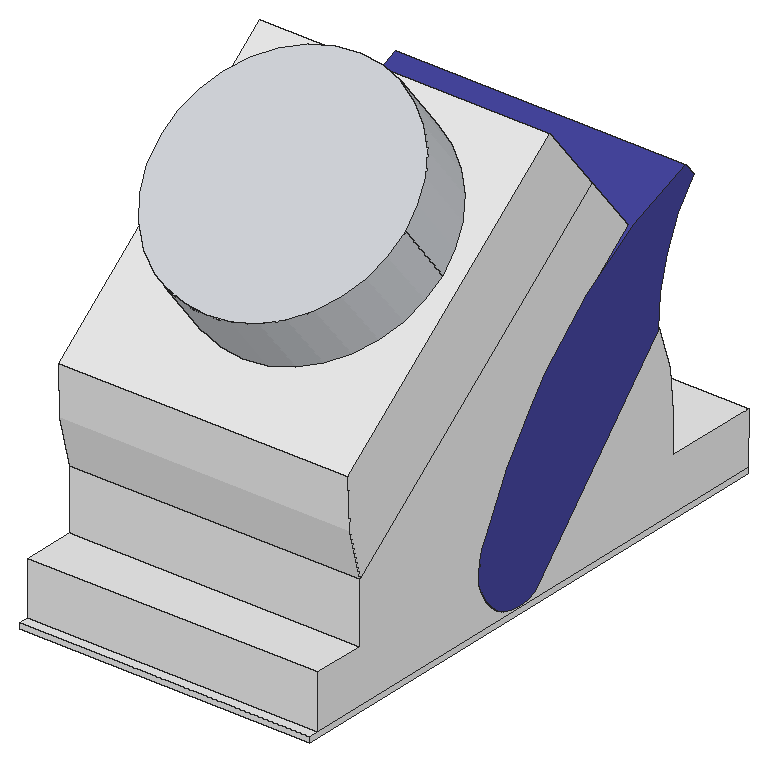
Revit family "Building-ConnessioniIEC309-GEWISS-COMBIBLOC-PRESE-INTERBLOCCATE_IP44_SENZA_FONDO", category Apparecchi elettrici, host Superficie, Revit 2019
Family settings
  Host = Superficie
  Mantenere orientamento annotazione = Sì
  Quota connettore circolare = Usa diametro
  Tipo di parte = Normale
  Taglio con vuoti quando caricato = No
  Condiviso = No
  Punto di calcolo locali = Sì
Parameters (values of type "GW66442 - COMBIBLOC S.F.IP44 3P+N+T 32A 400V 6H")
  visibilita posizionamento 2d [instance] = yes
  simbolo acceso [instance] = yes
  oggetto in pianta [instance] = not(visibilita posizionamento 2d)  # no
  distanza_simbolo [instance] = 1 mm
  distanza dal piano [instance] = 10 mm
  W = 115 mm  # constant formula
  Voltaggio = 0 V
  Versione file RFA = "21.4"
  VETRO = Vetro
  URL = "https://www.gewiss.com/it/it"
  Tipologia = "Compatta"
  Termopressione con biglia = "125 °C"
  Tensione nominale = "380-415V"
  Temperatura di utilizzo = "-25 +40 °C"
  Spostamento_effettivo_S [instance] = 4000 mm - Spostamento_S  # 2500 mm
  Spostamento_S = 1500 mm
  Simbolo circuito [instance] = not(simbolo acceso)  # no
  Scheda Tecnica = "https://www.gewiss.com/it/it/search?q=GW66442"
  STRUTTURA ALTA = blue
  STRUTTURA = RAL - 7035
  SEO = "Presa interbloccata"
  Riferimento h = "6"
  Resistenza agli urti = "IK08"
  Protezione = "NO (SBF)"
  Default Elevation = 1219.2 mm
  Produttore = "GEWISS S.p.A."
  PRESA = Giallo
  POMELLO = bianco
  N.poli = 1
  N. poli = "3P+N+T"
  Modello = "GW66442"
  L = 155 mm  # constant formula
  Immagine tipo = COMBIBLOC44.jpg
  IDT = "741e4717e3ee4884b61990f959ff1807"
  IDF = "31259a23-73b2-4997-9df9-78b802d9498e"
  Grado di protezione = "IP44"
  Glow wire test: = "850 °C (Parti attive) - 650 °C (Parti passive)"
  Frequenza = "50/60 Hz"
  FORMULA = 1000 mm * 1  # 1000 mm
  Descrizione = "COMBIBLOC S.F.IP44 3P+N+T 32A 400V 6H"
  Creato da GEWISS S.p.A. = ""
  Corrente nominale (A) = "32"
  Con fondo = "No"
  Colore: = "Rosso"
  Codice Electrocod = "2220"
  Catalogo = "BUILDING"
  COBie.Tagnumber = ""
  COBie.CreatedOn = ""
  COBie.CreatebBy = ""
  COBie.ComponentRegisterItemID = ""
  COBie.Component.TagNumber = ""
  COBie.Component.Space = ""
  COBie.Component.SerialNumber = ""
  COBie.Component.InstallationDate = ""
  COBie.Component.Description = ""
  COBie.Component.BarCode = ""
  BLOCCO = "B=C"
Types (18, lengths in mm): name | Tensione nominale | Scheda Tecnica | Riferimento h | N. poli | Modello | IDT | Descrizione | Corrente nominale (A) | Colore:
  GW66423 - COMBIBLOC S.F.IP44 2P+T 16A 110V 4H | "100-130V" | "https://www.gewiss.com/it/it/search?q=GW66423" | "4" | "2P+T" | "GW66423" | "b070a3082dfe4d42b1455b17156b898e" | "COMBIBLOC S.F.IP44 2P+T 16A 110V 4H" | "16" | "Giallo"
  GW66424 - COMBIBLOC S.F.IP44 3P+T 16A 110V 4H | "100-130V" | "https://www.gewiss.com/it/it/search?q=GW66424" | "4" | "3P+T" | "GW66424" | "893366f800a34f1bbc24e370e80832ec" | "COMBIBLOC S.F.IP44 3P+T 16A 110V 4H" | "16" | "Giallo"
  GW66425 - COMBIBLOC S.F.IP44 3P+N+T 16A 110V 4H | "100-130V" | "https://www.gewiss.com/it/it/search?q=GW66425" | "4" | "3P+N+T" | "GW66425" | "314015a0e46246db85306dca963d15a3" | "COMBIBLOC S.F.IP44 3P+N+T 16A 110V 4H" | "16" | "Giallo"
  GW66426 - COMBIBLOC S.F.IP44 2P+T 16A 230V 6H | "200-250V" | "https://www.gewiss.com/it/it/search?q=GW66426" | "6" | "2P+T" | "GW66426" | "c8a2b40a3d0240398ea5fe027ab400a9" | "COMBIBLOC S.F.IP44 2P+T 16A 230V 6H" | "16" | "Blu"
  GW66427 - COMBIBLOC S.F.IP44 3P+T 16A 230V 9H | "200-250V" | "https://www.gewiss.com/it/it/search?q=GW66427" | "9" | "3P+T" | "GW66427" | "a5756eb833a34e83ad14a229fda6b306" | "COMBIBLOC S.F.IP44 3P+T 16A 230V 9H" | "16" | "Blu"
  GW66428 - COMBIBLOC S.F.IP44 3P+N+T 16A 230V 9H | "200-250V" | "https://www.gewiss.com/it/it/search?q=GW66428" | "9" | "3P+N+T" | "GW66428" | "ae6a6b7b779541a5b5e4b9112507bedb" | "COMBIBLOC S.F.IP44 3P+N+T 16A 230V 9H" | "16" | "Blu"
  GW66429 - COMBIBLOC S.F.IP44 2P+T 16A 400V 9H | "380-415V" | "https://www.gewiss.com/it/it/search?q=GW66429" | "9" | "2P+T" | "GW66429" | "86bd7c141657494d9905915458ed8d97" | "COMBIBLOC S.F.IP44 2P+T 16A 400V 9H" | "16" | "Rosso"
  GW66430 - COMBIBLOC S.F.IP44 3P+T 16A 400V 6H | "380-415V" | "https://www.gewiss.com/it/it/search?q=GW66430" | "6" | "3P+T" | "GW66430" | "7cf4e54184a34467878504785aa0027b" | "COMBIBLOC S.F.IP44 3P+T 16A 400V 6H" | "16" | "Rosso"
  GW66431 - COMBIBLOC S.F.IP44 3P+N+T 16A 400V 6H | "380-415V" | "https://www.gewiss.com/it/it/search?q=GW66431" | "6" | "3P+N+T" | "GW66431" | "39e9dc68fca0476ebcce9adea40bc643" | "COMBIBLOC S.F.IP44 3P+N+T 16A 400V 6H" | "16" | "Rosso"
  GW66434 - COMBIBLOC S.F.IP44 2P+T 32A 110V 4H | "100-130V" | "https://www.gewiss.com/it/it/search?q=GW66434" | "4" | "2P+T" | "GW66434" | "5bb01f55f1cc4156b1a7dabf4ffdd4de" | "COMBIBLOC S.F.IP44 2P+T 32A 110V 4H" | "32" | "Giallo"
  GW66435 - COMBIBLOC S.F.IP44 3P+T 32A 110V 4H | "100-130V" | "https://www.gewiss.com/it/it/search?q=GW66435" | "4" | "3P+T" | "GW66435" | "e1d83dbd287e4582a0ae60767c40068f" | "COMBIBLOC S.F.IP44 3P+T 32A 110V 4H" | "32" | "Giallo"
  GW66436 - COMBIBLOC S.F.IP44 3P+N+T 32A 110V 4H | "100-130V" | "https://www.gewiss.com/it/it/search?q=GW66436" | "4" | "3P+N+T" | "GW66436" | "23326aeb6b9349d1970ef360becdcc2c" | "COMBIBLOC S.F.IP44 3P+N+T 32A 110V 4H" | "32" | "Giallo"
  GW66437 - COMBIBLOC S.F.IP44 2P+T 32A 230V 6H | "200-250V" | "https://www.gewiss.com/it/it/search?q=GW66437" | "6" | "2P+T" | "GW66437" | "3aff1e00bf34437e9227315c3bf0513f" | "COMBIBLOC S.F.IP44 2P+T 32A 230V 6H" | "32" | "Blu"
  GW66438 - COMBIBLOC S.F.IP44 3P+T 32A 230V 9H | "200-250V" | "https://www.gewiss.com/it/it/search?q=GW66438" | "9" | "3P+T" | "GW66438" | "9883f4c0d18c46adad91d82549765c6d" | "COMBIBLOC S.F.IP44 3P+T 32A 230V 9H" | "32" | "Blu"
  GW66439 - COMBIBLOC S.F.IP44 3P+N+T 32A 230V 9H | "200-250V" | "https://www.gewiss.com/it/it/search?q=GW66439" | "9" | "3P+N+T" | "GW66439" | "b97dfc53be834e55b56f490f3560ce28" | "COMBIBLOC S.F.IP44 3P+N+T 32A 230V 9H" | "32" | "Blu"
  GW66440 - COMBIBLOC S.F.IP44 2P+T 32A 400V 9H | "380-415V" | "https://www.gewiss.com/it/it/search?q=GW66440" | "9" | "2P+T" | "GW66440" | "efbc61ba44e349808c2514670658ab27" | "COMBIBLOC S.F.IP44 2P+T 32A 400V 9H" | "32" | "Rosso"
  GW66441 - COMBIBLOC S.F.IP44 3P+T 32A 400V 6H | "380-415V" | "https://www.gewiss.com/it/it/search?q=GW66441" | "6" | "3P+T" | "GW66441" | "b72b8a46eef44e58980f13d0af548e2a" | "COMBIBLOC S.F.IP44 3P+T 32A 400V 6H" | "32" | "Rosso"
  GW66442 - COMBIBLOC S.F.IP44 3P+N+T 32A 400V 6H | "380-415V" | "https://www.gewiss.com/it/it/search?q=GW66442" | "6" | "3P+N+T" | "GW66442" | "741e4717e3ee4884b61990f959ff1807" | "COMBIBLOC S.F.IP44 3P+N+T 32A 400V 6H" | "32" | "Rosso"
Reference planes
  plane 1 "Centro (Fronte/Retro)": y = 0
  plane 2: z = 0
  plane 3 "Centro (Sinistra/Destra)": x = 0
  plane 4: x = -3000
  plane 5: x = -500
  plane 6: z = 10
Lines and regions (mm)
  symbolic lines, visible <- "visibilita posizionamento 2d"
    curve 1: line (0, 0, 10) -> (0, 0, 115)
    curve 2: line (0, 0, 115) -> (71, 0, 115)
    curve 3: line (71, 0, 115) -> (71, 0, 10)
    curve 4: line (0, 0, 10) -> (71, 0, 10)
  symbolic lines, visible <- "visibilita posizionamento 2d", not visible
    curve 5: line (0, 0, 0) -> (0, 0, 105)
    curve 6: line (0, 0, 105) -> (71, 0, 105)
    curve 7: line (71, 0, 105) -> (71, 0, 0)
    curve 8: line (0, 0, 0) -> (71, 0, 0)
Dimensions and locks
  plane 4 to plane 3 "Centro (Sinistra/Destra)" = 3000 mm
  "Spostamento_effettivo_S": plane 4 to plane 5
  "distanza dal piano": plane 6 to plane 2
  aligned and locked: plane 2 to host face
  aligned and locked: level to host face
  aligned and locked: nested 1 to plane 5
  aligned and locked: curve 4 to plane 6
  aligned and locked: plane 5 to nested 2
  aligned and locked: plane 3 "Centro (Sinistra/Destra)" to nested 3
  aligned and locked: plane 1 "Centro (Fronte/Retro)" to nested 3
  aligned and locked: nested 3 to plane 3 "Centro (Sinistra/Destra)"
Automatic sketch dimensions
  host sketch curve to host sketch curve = 2438.4 mm  (x2)
  curve 1 to curve 3 = 71 mm
  curve 3 to curve 3 = 105 mm
  curve 5 to curve 7 = 71 mm
  curve 7 to curve 7 = 105 mm
Nested families
  nested 1: "PRESAINDPFUS" at (-500, 247.795, 0), SIMBOLO ACCESO <- "simbolo acceso", Distanza dal muro <- "distanza_simbolo", visible <- "simbolo acceso", type "3P"
    with SIMBOLO ACCESO yes, Distanza dal muro 1 mm, BORDO ACCESO yes
  nested 2: "simbolo_circuitoGW66201N" at (-499.076, 249.682, 0), Distanza dal muro <- "distanza_simbolo", visible <- "Simbolo circuito", type "3P"
    with SIMBOLO ACCESO yes, Distanza dal muro 1 mm, BORDO ACCESO yes
  nested 3: "BASE_IB PRESE INTERBLOC COMPATTE NO FONDO IP44" at (0, 69.265, 0), type "BASE_IB PRESE INTERBLOC COMPATTE NO FONDO IP44"
Connectors
  electrical at (35.5, 64.801, 1.375), driven by "N.poli", driven by "Voltaggio"
    settings: on nested 3, index 1, voltage 0 V, apparent load 0 VA, apparent load phase1 0 VA, apparent load phase2 0 VA, apparent load phase3 0 VA, power factor 1, load classification "Altro", number of poles 1, system type 31, power factor state 1, is connector primary yes, connector utility no, sub classification motor no, connector description ""
Definition of nested family "BASE_IB PRESE INTERBLOC COMPATTE NO FONDO IP44"
  Parameters (values of type "BASE_IB PRESE INTERBLOC COMPATTE NO FONDO IP44")
    POTENZA IN WOLT = 0 V
    N_POLI = 1
    CENTRALE = none
  Reference planes
    plane 1 "Centro (Fronte/Retro)": y = 0
    plane 2: z = 0
    plane 3 "Centro (Sinistra/Destra)": x = 0
    plane 4 "EEE": through (4267.2, -291.041, 143.375) normal (0, -0.788, -0.6157)
    plane 5: x = 71
    plane 6: x = 51
    plane 7: x = 48
  Forms (mm)
    Extrusion 1, solid
      sketch origin (0, -203.338, -237.255) x (0, 0, -1) y (0, 1, 0)
        loop
          line (-322.202, 218.222) -> (-266.481, 146.902) -> (-251.685, 146.876) -> (-251.685, 134.073) -> (-238.63, 134.073) -> (-238.63, 266.073) -> (-251.685, 266.073) -> (-251.685, 242.988) -> (-260.817, 242.988)
          arc (-260.817, 242.988) -> (-271.303, 241.907) -> (-281.357, 238.739) r 51.89
          line (-281.357, 238.739) -> (-239.989, 200.756)
          arc (-239.989, 200.756) -> (-243.657, 186.196) -> (-258.66, 185.608) r 12.53
          arc (-258.66, 185.608) -> (-277.82, 196.415) -> (-294.049, 211.266) r 96.883
          arc (-294.049, 211.266) -> (-301.135, 220.206) -> (-308.19, 229.17) r 3334.308
          line (-308.19, 229.17) -> (-322.202, 218.222)
      from 0 to 71
    Extrusion 2, solid
      sketch origin (0, -203.338, -237.255) x (0, 0, -1) y (0, 1, 0)
        loop
          arc (-313.71, 246.882) -> (-293.021, 210.103) -> (-258.66, 185.608) r 96.883
          arc (-258.66, 185.608) -> (-243.657, 186.196) -> (-239.989, 200.756) r 12.53
          line (-239.989, 200.756) -> (-280.857, 238.28)
          arc (-280.857, 238.28) -> (-296.734, 241.043) -> (-310.55, 249.339) r 43.984
          line (-310.55, 249.339) -> (-313.71, 246.882)
      from 0 to 71
    Extrusion 3, solid
      sketch origin (0, -203.338, -237.255) x (0, 0, -1) y (0, 1, 0)
        loop
          line (-322.202, 218.222) -> (-338.825, 205.235) -> (-290.465, 143.337)
          arc (-290.465, 143.337) -> (-278.287, 143.866) -> (-266.482, 146.903) r 58.569
          line (-266.482, 146.903) -> (-322.202, 218.222)
      from 0 to 71
    Extrusion 4, solid
      sketch origin (2.5, -229.189, -179.411) x (0, -0.788011, -0.615661) y (1, 0, 0)
        loop
          circle (-320.903, 33.712) r 30
      from 79.145 to 97.62
    Extrusion 5, solid
      sketch origin (0, 52.766, -37.165) x (0, 0, -1) y (0, 1, 0)
        loop
          line (-38.54, 9.97) -> (-38.54, -124.428) -> (-37.165, -124.428) -> (-37.165, 9.97) -> (-38.54, 9.97)
      from 0 to 71
    Extrusion 6, solid, not visible
      sketch origin (0, 200.09, -256.103) x (0, 1, 0) y (0, 0, 1)
        loop
          line (-322.202, 218.222) -> (-266.481, 146.902) -> (-251.685, 146.876) -> (-251.685, 134.073) -> (-238.63, 134.073) -> (-238.63, 266.073) -> (-251.685, 266.073) -> (-251.685, 242.988) -> (-260.817, 242.988)
          arc (-260.817, 242.988) -> (-271.303, 241.907) -> (-281.357, 238.739) r 51.89
          line (-281.357, 238.739) -> (-239.989, 200.756)
          arc (-239.989, 200.756) -> (-243.657, 186.196) -> (-258.66, 185.608) r 12.53
          arc (-258.66, 185.608) -> (-277.82, 196.415) -> (-294.049, 211.266) r 96.883
          arc (-294.049, 211.266) -> (-301.135, 220.206) -> (-308.19, 229.17) r 3334.308
          line (-308.19, 229.17) -> (-322.202, 218.222)
      from 0 to 71
    Extrusion 7, solid, not visible
      sketch origin (0, 200.09, -256.103) x (0, 1, 0) y (0, 0, 1)
        loop
          arc (-313.71, 246.882) -> (-293.021, 210.103) -> (-258.66, 185.608) r 96.883
          arc (-258.66, 185.608) -> (-243.657, 186.196) -> (-239.989, 200.756) r 12.53
          line (-239.989, 200.756) -> (-280.857, 238.28)
          arc (-280.857, 238.28) -> (-296.734, 241.043) -> (-310.55, 249.339) r 43.984
          line (-310.55, 249.339) -> (-313.71, 246.882)
      from 0 to 71
    Extrusion 8, solid, not visible
      sketch origin (0, 200.09, -256.103) x (0, 1, 0) y (0, 0, 1)
        loop
          line (-322.202, 218.222) -> (-338.825, 205.235) -> (-290.465, 143.337)
          arc (-290.465, 143.337) -> (-278.287, 143.866) -> (-266.482, 146.903) r 58.569
          line (-266.482, 146.903) -> (-322.202, 218.222)
      from 0 to 71
    Extrusion 9, solid, not visible
      sketch origin (2.5, 142.247, -281.955) x (0, 0.615661, -0.788011) y (1, 0, 0)
        loop
          circle (-320.903, 33.712) r 30
      from 79.145 to 97.62
    Extrusion 10, solid, not visible
      sketch origin (0, 0, 0) x (0, 1, 0) y (0, 0, 1)
        loop
          line (-38.54, 9.97) -> (-38.54, -124.428) -> (-37.165, -124.428) -> (-37.165, 9.97) -> (-38.54, 9.97)
      from 0 to 71
  Dimensions and locks
    plane 3 "Centro (Sinistra/Destra)" to plane 5 = 71 mm
    locked: plane 7 to plane 6 at 3
    aligned and locked: level to plane 2
    aligned and locked: Extrusion 4 to Extrusion 3
    aligned and locked: Extrusion 9 to Extrusion 8
Definition of nested family "PRESAINDPFUS"
  Parameters (values of type "2P")
    SIMBOLO ACCESO [instance] = yes
    SIMBOLO = PRESAINDPFUS_BASE : 2P
    Distanza dal muro [instance] = 0 mm
    BORDO ACCESO [instance] = yes
  Types (2, lengths in mm): name | SIMBOLO
    2P | PRESAINDPFUS_BASE : 2P
    3P | PRESAINDPFUS_BASE : 3P
  Reference planes
    plane 1: y = 0
    plane 2: x = 0
  Dimensions and locks
    "Distanza dal muro": plane 1 to nested 1
    aligned and locked: plane 2 to nested 1
  Nested families
    nested 1: "PRESAINDPFUS_BASE" at (0, 0, 0), type <- "SIMBOLO", CORNICE SIMBOLO <- "BORDO ACCESO", visible <- "SIMBOLO ACCESO", type "2P"
  Definition of nested family "PRESAINDPFUS_BASE"
    Parameters (values of type "3P")
      CORNICE SIMBOLO [instance] = yes
      3P = yes
    Types (2, lengths in mm): name | 3P
      3P | yes
      2P | no
    Reference planes
      plane 1: y = 0
      plane 2: x = 0
    Lines and regions (mm)
      detail lines, visible <- "CORNICE SIMBOLO"
        curve 1: line (-0.9, 2.4, 0) -> (0.9, 2.4, 0)
        curve 2: line (0.9, 2.4, 0) -> (0.9, 0.1, 0)
        curve 3: line (0.9, 0.1, 0) -> (-0.9, 0.1, 0)
        curve 4: line (-0.9, 0.1, 0) -> (-0.9, 2.4, 0)
      detail lines, not visible
        curve 5: line (-2.443, 10.208, 0) -> (2.057, 10.208, 0)
        curve 6: line (2.057, 10.208, 0) -> (2.057, 4.208, 0)
        curve 7: line (2.057, 4.208, 0) -> (-2.443, 4.208, 0)
        curve 8: line (-2.443, 4.208, 0) -> (-2.443, 10.208, 0)
        curve 9: line (-2.043, 9.808, 0) -> (1.657, 9.808, 0)
        curve 10: line (1.657, 9.808, 0) -> (1.657, 4.608, 0)
        curve 11: line (1.657, 4.608, 0) -> (-2.043, 4.608, 0)
        curve 12: line (-2.043, 4.608, 0) -> (-2.043, 9.808, 0)
      detail lines
        curve 13: line (-0.45, 1.069, 0) -> (-0.167, 1.069, 0)
        curve 14: line (-0.167, 1.069, 0) -> (0.33, 1.929, 0)
        curve 15: line (0.33, 1.929, 0) -> (0.836, 1.636, 0)
        curve 16: line (-0.167, 1.069, 0) -> (-0.45, 0.578, 0)
        curve 17: line (-0.45, 0.578, 0) -> (-0.45, 2.341, 0)
        curve 18: line (0.135, 1.591, 0) -> (0.641, 1.299, 0)
        curve 19: line (-0.84, 0.578, 0) -> (-0.06, 0.578, 0)
        curve 20: line (-0.45, 0.952, 0) -> (-0.333, 1.069, 0)
        curve 21: line (-0.45, 0.883, 0) -> (-0.264, 1.069, 0)
        curve 22: line (-0.45, 0.814, 0) -> (-0.195, 1.069, 0)
        curve 23: line (-0.45, 0.745, 0) -> (-0.223, 0.972, 0)
        curve 24: line (-0.45, 0.676, 0) -> (-0.317, 0.809, 0)
        curve 26: arc (-0.84, 0.189, 0) -> (-0.45, 0.578, 0) -> (-0.06, 0.189, 0) r 0.39
        curve 27: line (-0.608, 1.243, 0) -> (-0.608, 2.064, 0)
        curve 28: line (-0.608, 2.064, 0) -> (-0.292, 2.064, 0)
        curve 29: line (-0.292, 2.064, 0) -> (-0.292, 1.243, 0)
        curve 30: line (-0.292, 1.243, 0) -> (-0.608, 1.243, 0)
      detail lines, visible <- "3P"
        curve 25: line (-0.06, 1.254, 0) -> (0.446, 0.961, 0)
Definition of nested family "simbolo_circuitoGW66201N"
  Parameters (values of type "3P")
    SIMBOLO ACCESO [instance] = yes
    SIMBOLO = PRESAINDSTAGNA_BASE : 3P
    Distanza dal muro [instance] = 0 mm
    BORDO ACCESO [instance] = yes
  Reference planes
    plane 1: y = 0
    plane 2: x = 0
  Dimensions and locks
    "Distanza dal muro": plane 1 to nested 1
    aligned and locked: plane 2 to nested 1
  Nested families
    nested 1: "GW66201N-simb_base_di circuito" at (0, 0, 0), visible <- "SIMBOLO ACCESO", type "3P"
      with CORNICE SIMBOLO yes
  Definition of nested family "GW66201N-simb_base_di circuito"
    Parameters (values of type "3P")
      CORNICE SIMBOLO [instance] = yes
      3P = yes
    Types (2, lengths in mm): name | 3P
      3P | yes
      2P | no
    Reference planes
      plane 1: y = 0
      plane 2: x = 0
    Lines and regions (mm)
      detail lines, not visible
        curve 1: line (-2.443, 10.208, 0) -> (2.057, 10.208, 0)
        curve 2: line (2.057, 10.208, 0) -> (2.057, 4.208, 0)
        curve 3: line (2.057, 4.208, 0) -> (-2.443, 4.208, 0)
        curve 4: line (-2.443, 4.208, 0) -> (-2.443, 10.208, 0)
        curve 5: line (-2.043, 9.808, 0) -> (1.657, 9.808, 0)
        curve 6: line (1.657, 9.808, 0) -> (1.657, 4.608, 0)
        curve 7: line (1.657, 4.608, 0) -> (-2.043, 4.608, 0)
        curve 8: line (-2.043, 4.608, 0) -> (-2.043, 9.808, 0)
    Dimensions and locks
      aligned and locked: import instance to plane 2
      aligned and locked: plane 1 to import instance
